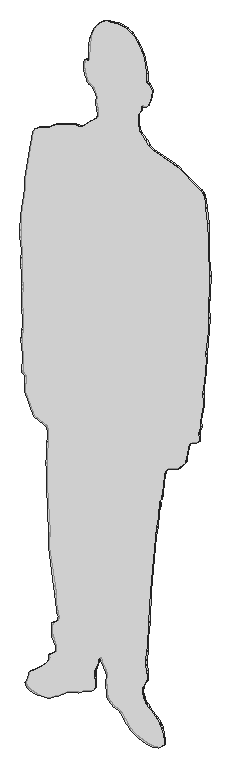
Revit family "Flat Man 18", category Entourage, Revit 2015
Parameters
  Flat Material [instance] = none
  Height = 0 mm
Reference planes
  plane 1 "Center (Front/Back)": y = 0
  plane 2: z = 0
  plane 3 "Center (Left/Right)": x = 0
Forms (mm)
  Extrusion 1, solid, material <- "Flat Material"
    sketch origin (0, 0, 0) x (1, 0, 0) y (0, 0, 1)
      loop
        line (-30.422, 1811.059) -> (-31.848, 1810.402) -> (-38.803, 1806.374) -> (-45.171, 1801.809) -> (-50.967, 1796.723) -> (-56.208, 1791.132) -> (-60.912, 1785.055) -> (-65.093, 1778.506) -> (-71.956, 1764.066) -> (-76.928, 1747.944) -> (-80.141, 1730.276) -> (-81.814, 1690.837) -> (-87.105, 1690.461) -> (-88.092, 1690.255) -> (-89.005, 1689.965) -> (-89.877, 1689.57) -> (-90.738, 1689.05) -> (-91.679, 1687.673) -> (-92.496, 1686.182) -> (-93.783, 1682.896) -> (-94.639, 1679.264) -> (-95.106, 1675.359) -> (-95.038, 1667.023) -> (-93.909, 1658.47) -> (-89.788, 1643.041) -> (-87.458, 1637.331) -> (-86.369, 1635.231) -> (-85.386, 1633.733) -> (-83.472, 1631.64) -> (-81.444, 1630.025) -> (-79.314, 1628.757) -> (-77.094, 1627.706) -> (-72.428, 1625.722) -> (-70.006, 1624.528) -> (-67.538, 1623.023) -> (-66.966, 1621.821) -> (-65.867, 1619.263) -> (-58.151, 1600.472) -> (-59.675, 1596.062) -> (-60.18, 1594.572) -> (-60.547, 1592.949) -> (-60.643, 1592.073) -> (-60.66, 1591.147) -> (-60.584, 1590.164) -> (-60.4, 1589.119) -> (-56.208, 1569.104) -> (-55.267, 1558.168) -> (-55.654, 1553.532) -> (-56.134, 1551.555) -> (-56.454, 1550.669) -> (-56.831, 1549.857) -> (-57.547, 1548.659) -> (-58.408, 1547.493) -> (-60.5, 1545.247) -> (-65.701, 1541.079) -> (-76.462, 1533.795) -> (-87.69, 1522.782) -> (-93.371, 1517.082) -> (-96.414, 1514.554) -> (-99.662, 1512.381) -> (-100.989, 1511.71) -> (-102.42, 1511.165) -> (-105.521, 1510.395) -> (-112.147, 1509.74) -> (-118.33, 1509.513) -> (-120.877, 1509.278) -> (-121.948, 1509.081) -> (-122.859, 1508.812) -> (-169.259, 1492.75) -> (-177.085, 1488.945) -> (-184.805, 1484.153) -> (-199.594, 1474.905) -> (-225.44, 1464.008) -> (-231.259, 1460.896) -> (-236.45, 1457.094) -> (-238.752, 1454.851) -> (-240.828, 1452.336) -> (-242.654, 1449.514) -> (-244.207, 1446.353) -> (-249.563, 1414.232) -> (-267.408, 1317.863) -> (-267.408, 1291.097) -> (-278.527, 1217.712) -> (-280.447, 1177.609) -> (-279.898, 1159.832) -> (-278.114, 1144.762) -> (-276.48, 1125.821) -> (-276.944, 1106.528) -> (-277.548, 1088.508) -> (-277.29, 1080.482) -> (-276.332, 1073.383) -> (-276.332, 1044.828) -> (-274.997, 1035.264) -> (-274.592, 1025.662) -> (-275.345, 1006.532) -> (-276.144, 987.813) -> (-275.798, 978.725) -> (-274.546, 969.879) -> (-272.752, 954.041) -> (-272.746, 935.803) -> (-274.086, 918.095) -> (-276.332, 903.848) -> (-277.399, 896.835) -> (-277.568, 890.141) -> (-276.143, 877.256) -> (-272.763, 850.313) -> (-274.546, 811.055) -> (-274.228, 810.151) -> (-273.824, 809.339) -> (-273.347, 808.61) -> (-272.807, 807.953) -> (-271.584, 806.817) -> (-270.249, 805.852) -> (-267.609, 804.121) -> (-265.61, 802.473) -> (-267.408, 761.085) -> (-240.638, 705.765) -> (-208.518, 695.054) -> (-207.586, 694.595) -> (-206.718, 694.042) -> (-205.911, 693.4) -> (-205.164, 692.672) -> (-203.842, 690.973) -> (-202.737, 688.973) -> (-201.837, 686.704) -> (-201.126, 684.192) -> (-200.218, 678.562) -> (-200.063, 665.69) -> (-201.38, 652.226) -> (-204.078, 617.99) -> (-204.383, 597.641) -> (-203.166, 580.843) -> (-202.715, 576.184) -> (-202.687, 571.13) -> (-203.311, 560.234) -> (-203.863, 548.936) -> (-203.166, 538.016) -> (-195.865, 417.761) -> (-196.095, 412.839) -> (-197.166, 401.83) -> (-198.112, 390.654) -> (-198.187, 385.523) -> (-197.811, 380.974) -> (-181.752, 284.608) -> (-178.724, 265.628) -> (-177.293, 245.185) -> (-174.968, 225.715) -> (-172.692, 217.107) -> (-171.14, 213.218) -> (-169.259, 209.656) -> (-169.379, 207.047) -> (-169.692, 204.718) -> (-170.185, 202.646) -> (-170.844, 200.807) -> (-171.657, 199.177) -> (-172.612, 197.732) -> (-173.695, 196.449) -> (-174.893, 195.303) -> (-177.586, 193.33) -> (-180.587, 191.622) -> (-187.104, 188.242) -> (-188.715, 171.864) -> (-188.746, 162.312) -> (-188.189, 157.425) -> (-187.104, 152.552) -> (-179.545, 134.325) -> (-177.802, 129.03) -> (-176.775, 123.902) -> (-176.632, 121.474) -> (-176.791, 119.174) -> (-176.997, 118.081) -> (-177.293, 117.032) -> (-177.686, 116.029) -> (-178.18, 115.076) -> (-178.855, 114.096) -> (-179.7, 113.138) -> (-181.814, 111.292) -> (-187.171, 107.905) -> (-197.811, 102.583) -> (-196.583, 94.624) -> (-196.483, 93.004) -> (-196.607, 91.441) -> (-196.775, 90.667) -> (-197.026, 89.891) -> (-197.368, 89.106) -> (-197.811, 88.307) -> (-198.177, 86.755) -> (-198.747, 85.178) -> (-200.448, 81.962) -> (-202.818, 78.678) -> (-205.763, 75.346) -> (-221.39, 61.898) -> (-238.612, 49.163) -> (-245.921, 43.438) -> (-251.349, 38.342) -> (-252.682, 36.647) -> (-253.835, 34.779) -> (-255.706, 30.623) -> (-258.432, 21.331) -> (-261.185, 12.067) -> (-263.091, 7.945) -> (-264.266, 6.1) -> (-265.625, 4.431) -> (-265.179, 2.367) -> (-264.522, 0.424) -> (-263.666, -1.399) -> (-262.62, -3.104) -> (-261.396, -4.696) -> (-260.003, -6.175) -> (-256.756, -8.806) -> (-252.965, -11.019) -> (-248.714, -12.834) -> (-239.172, -15.345) -> (-228.809, -16.5) -> (-218.306, -16.457) -> (-208.341, -15.375) -> (-199.594, -13.414) -> (-190.941, -10.273) -> (-182.831, -6.318) -> (-167.763, 3.16) -> (-138.921, 22.28) -> (-131.902, 25.3) -> (-125.391, 27.092) -> (-110.369, 31.2) -> (-108.356, 32.115) -> (-106.287, 33.358) -> (-102.097, 36.414) -> (-98.027, 39.541) -> (-96.109, 40.871) -> (-94.307, 41.907) -> (-74.984, 48.584) -> (-71.03, 50.415) -> (-69.224, 51.58) -> (-67.541, 52.965) -> (-65.989, 54.613) -> (-64.574, 56.564) -> (-63.304, 58.859) -> (-62.186, 61.538) -> (-61.244, 63.492) -> (-60.606, 65.604) -> (-60.235, 67.858) -> (-60.091, 70.237) -> (-61.029, 80.679) -> (-62.546, 91.811) -> (-62.754, 97.308) -> (-62.586, 99.982) -> (-62.186, 102.583) -> (-59.064, 113.454) -> (-55.32, 122.885) -> (-51.885, 132.427) -> (-50.576, 137.723) -> (-49.693, 143.628) -> (-46.124, 143.628) -> (-44.517, 138.452) -> (-42.477, 133.61) -> (-37.736, 124.794) -> (-33.174, 116.919) -> (-31.357, 113.252) -> (-30.062, 109.721) -> (-29.603, 107.652) -> (-29.376, 105.599) -> (-29.471, 101.549) -> (-30.836, 93.711) -> (-31.519, 89.944) -> (-31.813, 86.293) -> (-31.723, 84.515) -> (-31.425, 82.769) -> (-30.884, 81.058) -> (-30.062, 79.383) -> (-29.313, 60.6) -> (-27.911, 53.514) -> (-26.912, 50.439) -> (-25.699, 47.635) -> (-24.259, 45.069) -> (-22.582, 42.712) -> (-20.655, 40.532) -> (-18.467, 38.498) -> (-13.26, 34.744) -> (-6.866, 31.2) -> (5.628, 27.631) -> (10.269, 23.535) -> (14.577, 18.912) -> (22.63, 8.806) -> (30.659, -1.257) -> (34.936, -5.824) -> (39.535, -9.845) -> (46.87, -14.882) -> (55.871, -19.938) -> (66.155, -24.634) -> (77.339, -28.591) -> (89.039, -31.433) -> (100.873, -32.779) -> (106.72, -32.773) -> (112.456, -32.252) -> (118.035, -31.167) -> (123.407, -29.472) -> (125.675, -28.397) -> (127.808, -27.022) -> (131.792, -23.696) -> (139.47, -16.983) -> (139.133, -3.428) -> (136.951, 11.157) -> (132.905, 25.058) -> (130.177, 31.214) -> (126.976, 36.556) -> (121.699, 42.791) -> (115.429, 48.534) -> (101.599, 59.536) -> (94.882, 65.289) -> (88.858, 71.539) -> (86.238, 74.928) -> (83.95, 78.534) -> (82.047, 82.388) -> (80.58, 86.521) -> (78.445, 90.417) -> (77.016, 94.195) -> (76.219, 97.854) -> (75.98, 101.395) -> (76.224, 104.818) -> (76.876, 108.124) -> (79.108, 114.38) -> (85.202, 125.482) -> (87.873, 130.329) -> (88.854, 132.577) -> (89.5, 134.708) -> (89.888, 137.108) -> (90.08, 139.769) -> (89.971, 145.727) -> (88.481, 159.218) -> (86.609, 172.946) -> (85.931, 184.673) -> (89.066, 209.195) -> (90.843, 222.597) -> (91.3, 227.717) -> (91.361, 229.649) -> (91.287, 231.073) -> (90.876, 237.473) -> (91.065, 244.56) -> (92.531, 259.842) -> (94.856, 288.177) -> (98.425, 368.484) -> (114.487, 516.598) -> (118.142, 542.853) -> (119.397, 555.422) -> (121.625, 566.567) -> (121.625, 584.412) -> (126.976, 602.261) -> (127.107, 603.055) -> (127.154, 603.862) -> (127.042, 605.49) -> (126.301, 608.621) -> (125.452, 611.248) -> (125.031, 612.95) -> (126.107, 614.473) -> (127.824, 616.533) -> (129.563, 618.595) -> (130.481, 619.837) -> (132.624, 628.791) -> (133.732, 637.501) -> (139.388, 686.168) -> (140.817, 690.791) -> (141.816, 692.971) -> (143.038, 695.054) -> (143.376, 696.591) -> (143.83, 698.023) -> (144.396, 699.355) -> (145.067, 700.592) -> (145.837, 701.741) -> (146.7, 702.805) -> (148.682, 704.704) -> (150.966, 706.33) -> (153.502, 707.725) -> (159.146, 709.993) -> (171.37, 713.612) -> (177.187, 715.637) -> (179.854, 716.851) -> (182.297, 718.254) -> (200.146, 737.885) -> (201.498, 740.658) -> (202.636, 743.759) -> (204.402, 750.742) -> (206.807, 766.41) -> (209.45, 781.646) -> (211.514, 788.089) -> (212.846, 790.838) -> (214.422, 793.206) -> (215.328, 794.498) -> (216.453, 795.665) -> (217.77, 796.723) -> (219.249, 797.686) -> (226.229, 800.904) -> (233.551, 803.842) -> (236.775, 805.513) -> (238.178, 806.452) -> (239.404, 807.482) -> (240.376, 809.083) -> (241.073, 810.693) -> (241.53, 812.314) -> (241.781, 813.944) -> (241.802, 817.234) -> (241.411, 820.563) -> (240.483, 827.333) -> (240.494, 830.774) -> (240.738, 832.508) -> (241.187, 834.251) -> (246.542, 850.313) -> (244.76, 864.589) -> (253.68, 907.417) -> (252.436, 919.902) -> (252.334, 937.318) -> (253.351, 955.398) -> (255.466, 969.879) -> (262.604, 1032.338) -> (260.818, 1044.828) -> (268.239, 1106.652) -> (269.426, 1140.433) -> (267.956, 1167.963) -> (267.734, 1171.717) -> (267.889, 1176.286) -> (268.961, 1186.769) -> (271.525, 1205.439) -> (272.313, 1251.335) -> (270.808, 1277.485) -> (267.956, 1298.235) -> (267.956, 1344.636) -> (266.693, 1386.412) -> (260.818, 1424.939) -> (259.17, 1441.346) -> (258.213, 1448.613) -> (257.143, 1452.019) -> (256.39, 1453.667) -> (255.466, 1455.277) -> (254.504, 1457.343) -> (253.248, 1459.236) -> (251.733, 1460.972) -> (249.991, 1462.569) -> (245.957, 1465.406) -> (241.41, 1467.877) -> (223.342, 1476.691) -> (195.659, 1494.417) -> (180.627, 1502.323) -> (164.452, 1508.812) -> (105.562, 1523.088) -> (100.075, 1526.516) -> (95.089, 1530.737) -> (85.949, 1540.561) -> (76.802, 1550.573) -> (71.806, 1555.026) -> (66.304, 1558.781) -> (64.164, 1580.356) -> (64.29, 1592.526) -> (65.01, 1598.228) -> (66.561, 1604.423) -> (69.838, 1607.864) -> (72.02, 1610.134) -> (73.442, 1611.978) -> (73.442, 1623.839) -> (79.426, 1625.131) -> (83.287, 1625.774) -> (85.851, 1626.376) -> (88.304, 1628.05) -> (90.412, 1629.936) -> (92.278, 1632.203) -> (93.926, 1634.804) -> (96.668, 1640.817) -> (98.831, 1647.595) -> (105.562, 1674.774) -> (98.469, 1684.457) -> (96.818, 1686.598) -> (94.883, 1688.661) -> (92.499, 1690.664) -> (89.5, 1692.623) -> (89.294, 1714.859) -> (85.389, 1738.017) -> (77.943, 1760.626) -> (72.941, 1771.265) -> (67.114, 1781.216) -> (60.48, 1790.295) -> (53.06, 1798.317) -> (44.874, 1805.098) -> (35.94, 1810.456) -> (31.2, 1812.544) -> (26.28, 1814.206) -> (21.183, 1815.421) -> (15.912, 1816.165) -> (10.47, 1816.415) -> (4.857, 1816.148) -> (-0.922, 1815.341) -> (-6.866, 1813.971) -> (-10.237, 1813.26) -> (-13.539, 1812.909) -> (-19.93, 1812.716) -> (-26.035, 1812.258) -> (-28.978, 1811.576) -> (-30.422, 1811.059)
    from -2.5 to 2.5
Lines and regions (mm)
  model lines
    curve 1: line (-150, 0, 0) -> (150, 0, 0)
    curve 2: line (0, -150, 0) -> (0, 150, 0)
Dimensions and locks
  aligned and locked: level to plane 2
